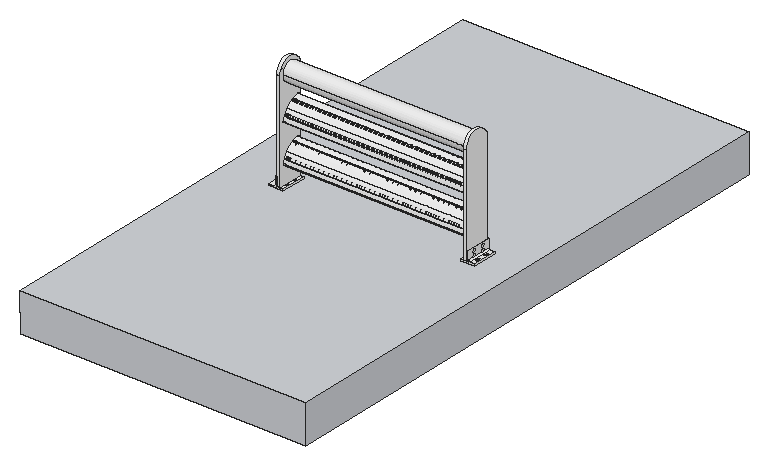
Revit family
Parameters (values of type "36" Projection")
  Warranty = "http://www.alllite-louvers.com/catalog/All-Lite-Warranty.pdf"
  URL = "http://www.alllite-louvers.com"
  Support Height = Projection - 5" + 1 1/32"  # 32 1/32"
  Strut/Shroud = Extruded Aluminum
  Strut = no
  Specifications = "http://www.alllite-louvers.com/catalog/ssa-845-csi-specification.doc"
  SmartBIM Object Version = 3  # constant formula
  SmartBIM Object Created By = "Reed Construction Data"  # constant formula
  Shroud = no
  Projection = 36"
  Product URL = "http://www.alllite-louvers.com/catalog.php?model=SSA-845"
  Outrigger Spacing = 60"
  Outrigger Height = Projection - 1/2"  # 35 1/2"
  Outrigger = "8\" high x  0.250\" thick plate with rounded front."
  Outrigger Material = Extruded Aluminum
  Mounting Bracket = "Exposed"  # constant formula
  Model Number = "SSA-845"  # constant formula
  Minimum Size = "12\""
  Maximum Size - Single Section = "96\""
  Maximum Size - Multiple Section = "Unlimited"  # constant formula
  Material = "Mill finish 6063-T5 extruded aluminum."  # constant formula
  Manufacturer = "All-Lite"  # constant formula
  Fascia Material = Extruded Aluminum
  Fascia = "4\" diameter x 0.081\" thick round tube."
  Exposed Mounting Bracket = yes
  Default Elevation = 48"
  Cut Sheet = "http://www.alllite-louvers.com/catalog/SSA845.pdf"
  Concealed Mounting Bracket = not(Exposed Mounting Bracket)  # no
  Blades = "45 Deg x 0.110\" thick thick airfoil style."
  Blade Material = Extruded Aluminum
  Assembly Code = "B2010400"
  A = 45.00°
  95 CSI = "10700"  # constant formula
  04 CSI = "10 71 13"  # constant formula
Types (4): name | Support Height | Projection | Outrigger Height
  36" Projection | 32 1/32" | 36" | 35 1/2"
  42" Projection | 38 1/32" | 42" | 41 1/2"
  48" Projection | 44 1/32" | 48" | 47 1/2"
  60" Projection | 56 1/32" | 60" | 59 1/2"
Reference planes (in)
  plane 1 "Center (Front/Back)": y = 0
  plane 2: z = 0
  plane 3 "Center (Left/Right)": x = 36
  plane 4: z = 36
  plane 5: x = 6
  plane 6: x = 66
  plane 7: x = 65.75
  plane 8: z = 31
  plane 9: y = 4
  plane 10: y = 8
  plane 11: z = 0.5
Forms (in)
  Extrusion 1, solid
    sketch origin (0, 0, 0) x (1, 0, 0) y (0, 1, 0)
      loop
        line (-11.05284, 94.58626) -> (-11.05284, -79.70833) -> (79.04536, -79.70833) -> (79.04536, 94.58626) -> (-11.05284, 94.58626)
    from 0 to -12
Dimensions and locks (in)
  equal spacing: plane 5, plane 3 "Center (Left/Right)", plane 6
  "Outrigger Spacing": plane 5 to plane 6
  "Projection": plane 4 to level
  locked: plane 6 to plane 7 at 0.25
  locked: plane 4 to plane 8 at 5
  nested 1 to nested 1 = 12"
  locked: plane 10 to plane 1 "Center (Front/Back)" at 8
  equal spacing: plane 10, plane 9, plane 1 "Center (Front/Back)"
  aligned and locked: Extrusion 1 to plane 2
  aligned and locked: level to Extrusion 1
  aligned and locked: plane 3 "Center (Left/Right)" to nested 1
  aligned and locked: nested 1 to plane 1 "Center (Front/Back)"
  aligned and locked: nested 4 to plane 5
  aligned and locked: nested 4 to level
  aligned and locked: level to nested 5
  aligned and locked: nested 2 to nested 7
  aligned and locked: nested 3 to nested 6
  aligned and locked: plane 9 to nested 6
  aligned and locked: plane 9 to nested 7
  aligned and locked: nested 6 to nested 4
  aligned and locked: nested 2 to nested 5
  aligned and locked: plane 11 to nested 1
  aligned and locked: nested 5 to plane 6
Automatic sketch dimensions
  Extrusion 1 sketch curve to Extrusion 1 sketch curve = 90.0982"
  Extrusion 1 sketch curve to Extrusion 1 sketch curve = 174.29459"
Nested families (in)
  nested 1: "Outrigger-With-Blades" at (36, 0, 0.5) x (0, 1, 0) z (0, 0, 1), type "Outrigger-With-Blades"
    with Projection 35 1/2", #Of Blades 2
  nested 2: "Strut Connection" at (66.69216, 7.5, 0), type "Strut Connection"
    with Strut no, Height 32 1/32"
  nested 3: "Strut Connection" at (5.12034, 7.5, 0) x (-1, 0, 0) z (0, 0, 1), type "Strut Connection"
    with Strut no, Height 32 1/32"
  nested 4: "Shroud Connection" at (6.56716, 0.5, 0), type "Shroud Connection"
    with Shroud no, Height 32 1/32"
  nested 5: "Shroud Connection" at (65.49534, 0.5, 0) x (-1, 0, 0) z (0, 0, 1), type "Shroud Connection"
    with Shroud no, Height 32 1/32"
  nested 6: "Bracket" at (5.8125, 4, 0), type "Bracket"
    with Concealed Mounting Bracket no
  nested 7: "Bracket" at (66.25, 4, 0), type "Bracket"
    with Concealed Mounting Bracket no
Definition of nested family "Outrigger-With-Blades"
  Parameters (values of type "Outrigger-With-Blades")
    Projection = 60"
    Outrigger Thickness = 1"
    Outrigger Spacing = 60"
    Outrigger Material = none
    Outrigger Hight = 8"
    Fascia = none
    Blade Material = none
    Assembly Code = ""
    #Of Blades = ((Projection - 12") / 12")  # 4
  Reference planes (in)
    plane 1 "Center (Front/Back)": y = 0
    plane 2: z = 0
    plane 3 "Center (Left/Right)": x = 0
    plane 4: z = 60
    plane 5: y = 30
    plane 6: y = -30
    plane 7: y = 29
    plane 8: y = -29
    plane 9: z = 54
    plane 10: x = 4
    plane 11: z = 6
    plane 12: z = 18
  Forms (in)
    Extrusion 1, solid, material <- "Outrigger Material"
      sketch origin (-26.08204, 30, 48) x (-1, 0, 0) y (0, 0, 1)
        loop
          arc (-26.08204, 8) -> (-30.08204, 12) -> (-34.08204, 8) r 4
          line (-34.08204, 8) -> (-34.08204, -48) -> (-26.08204, -48) -> (-26.08204, 8)
      from 0 to -1
    Extrusion 2, solid, material <- "Outrigger Material"
      sketch origin (-26.08204, -30, 48) x (-1, 0, 0) y (0, 0, -1)
        loop
          line (-26.08204, -8) -> (-26.08204, 48) -> (-34.08204, 48) -> (-34.08204, -8)
          arc (-34.08204, -8) -> (-30.08204, -12) -> (-26.08204, -8) r 4
      from 0 to -1
    Extrusion 3, solid, material <- "Fascia"
      sketch origin (0, 0, 0) x (1, 0, 0) y (0, 0, 1)
        loop
          circle (4, 56) r 3
      from -29 to 29
  Dimensions and locks (in)
    "Projection": plane 4 to level
    "Outrigger Hight": Extrusion 1 sketch curve to plane 3 "Center (Left/Right)"
    locked: plane 4 to Extrusion 1 sketch curve at 0
    equal spacing: plane 6, plane 1 "Center (Front/Back)", plane 5
    "Outrigger Spacing": plane 6 to plane 5
    "Outrigger Thickness": plane 5 to plane 7
    locked: plane 4 to Extrusion 2 sketch curve at 0
    "Outrigger Hight": Extrusion 2 sketch curve to plane 3 "Center (Left/Right)"
    "Outrigger Thickness": plane 6 to plane 8
    locked: plane 4 to plane 9 at 6
    locked: plane 11 to level at 6
    equal spacing: Extrusion 2, plane 10, plane 3 "Center (Left/Right)"
    locked: plane 12 to plane 11 at 12
    equal spacing: group 1, group 2, group 3, group 4  (x3)
    locked: plane 4 to Extrusion 3 sketch curve at 4
    aligned and locked: Extrusion 1 sketch curve to plane 3 "Center (Left/Right)"
    aligned and locked: Extrusion 1 to plane 7
    aligned and locked: Extrusion 2 sketch curve to level
    aligned and locked: plane 3 "Center (Left/Right)" to Extrusion 2 sketch curve
    aligned and locked: plane 7 to Extrusion 3
    aligned and locked: plane 6 to Extrusion 2
    aligned and locked: Extrusion 2 to plane 8
    aligned and locked: plane 8 to Extrusion 3
    aligned and locked: plane 11 to nested 1
    aligned and locked: plane 10 to nested 1
    aligned and locked: plane 1 "Center (Front/Back)" to nested 1
    aligned and locked: Extrusion 3 sketch curve to plane 10
  Automatic sketch dimensions
    Extrusion 1 sketch curve to level = 0"
    radius of Extrusion 3 sketch curve = 3"
  Nested families (in)
    nested 1: "Blade" at (1.14417, 0, 6), type "Blade"
      with Outrigger Spacing 60"
    nested 2: "Blade" at (1.14417, 0, 18), type "Blade"
      with Outrigger Spacing 60"
    nested 3: "Blade" at (1.14417, 0, 30), type "Blade"
      with Outrigger Spacing 60"
    nested 4: "Blade" at (1.14417, 0, 42), type "Blade"
      with Outrigger Spacing 60"
  Definition of nested family "Blade"
    Parameters (values of type "Blade")
      Outrigger Thickness = 1"
      Outrigger Spacing = 36"
      Blade Material = none
      Assembly Code = ""
    Reference planes (in)
      plane 1 "Center (Front/Back)": y = 0
      plane 2: z = 0
      plane 3 "Center (Left/Right)": x = 0
      plane 4: y = -18
      plane 5: y = 18
      plane 6: y = 17
      plane 7: y = -17
      plane 8: z = 2.8089
      plane 9: x = 2.85583
      plane 10: x = 5.71166
      plane 11: through (0.14319, -180, 0.14319) normal (-0.7071, 0, 0.7071)
    Forms (in)
      Extrusion 1, solid, material <- "Blade Material"
        sketch origin (0, 0, 0) x (0.707107, 0, -0.707107) y (0.707107, 0, 0.707107)
          loop
            arc (0.20875, 0.18246) -> (0.56894, 0.72104) -> (0.87399, 1.29267) r 6.53018
            arc (0.87399, 1.29267) -> (1.13516, 1.93231) -> (1.32729, 2.59596) r 6.53018
            arc (1.32729, 2.59596) -> (1.49012, 3.76566) -> (1.43962, 4.94555) r 6.53018
            arc (1.43962, 4.94555) -> (1.25401, 5.84431) -> (0.94425, 6.70818) r 6.53018
            arc (0.94425, 6.70818) -> (0.61201, 7.36103) -> (0.20875, 7.97256) r 6.53018
            arc (0.20875, 7.97256) -> (0, 8.07751) -> (-0.20875, 7.97256) r 0.26008
            arc (-0.20875, 7.97256) -> (-0.77805, 7.05736) -> (-1.18905, 6.06099) r 6.53018
            arc (-1.18905, 6.06099) -> (-1.46241, 4.7542) -> (-1.4643, 3.41913) r 6.53018
            arc (-1.4643, 3.41913) -> (-1.27547, 2.38891) -> (-0.92437, 1.40212) r 6.53018
            arc (-0.92437, 1.40212) -> (-0.59967, 0.77286) -> (-0.20875, 0.18246) r 6.53018
            arc (-0.20875, 0.18246) -> (0, 0.07751) -> (0.20875, 0.18246) r 0.26008
          loop
            arc (0, 0.33758) -> (0.44229, 1.02142) -> (0.79221, 1.75681) r 6.2701
            arc (0.79221, 1.75681) -> (0.42618, 1.56554) -> (0.08389, 1.79662) r 0.4032
            arc (0.08389, 1.79662) -> (0.13458, 1.93718) -> (0.27514, 1.88649) r 0.10566
            arc (0.27514, 1.88649) -> (0.43804, 1.77652) -> (0.61224, 1.86755) r 0.19188
            arc (0.61224, 1.86755) -> (0.58061, 2.10755) -> (0.33921, 2.1256) r 0.19188
            arc (0.33921, 2.1256) -> (0.23167, 2.17949) -> (0.21852, 2.29906) r 0.12582
            arc (0.21852, 2.29906) -> (0.66741, 2.30689) -> (0.84526, 1.89466) r 0.4032
            arc (0.84526, 1.89466) -> (1.23749, 4.07751) -> (0.84526, 6.26035) r 6.2701
            arc (0.84526, 6.26035) -> (0.66741, 5.84812) -> (0.21852, 5.85596) r 0.4032
            arc (0.21852, 5.85596) -> (0.23167, 5.97552) -> (0.33921, 6.02941) r 0.12582
            arc (0.33921, 6.02941) -> (0.58061, 6.04746) -> (0.61224, 6.28746) r 0.19188
            arc (0.61224, 6.28746) -> (0.43804, 6.37849) -> (0.27514, 6.26852) r 0.19188
            arc (0.27514, 6.26852) -> (0.13458, 6.21783) -> (0.08389, 6.35839) r 0.10566
            arc (0.08389, 6.35839) -> (0.42618, 6.58948) -> (0.79221, 6.3982) r 0.4032
            arc (0.79221, 6.3982) -> (0.44229, 7.13359) -> (0, 7.81743) r 6.2701
            arc (0, 7.81743) -> (-0.44229, 7.13359) -> (-0.79221, 6.3982) r 6.2701
            arc (-0.79221, 6.3982) -> (-0.42618, 6.58948) -> (-0.08389, 6.35839) r 0.4032
            arc (-0.08389, 6.35839) -> (-0.13458, 6.21783) -> (-0.27514, 6.26852) r 0.10566
            arc (-0.27514, 6.26852) -> (-0.43804, 6.37849) -> (-0.61224, 6.28746) r 0.19188
            arc (-0.61224, 6.28746) -> (-0.58061, 6.04746) -> (-0.33921, 6.02941) r 0.19188
            arc (-0.33921, 6.02941) -> (-0.23167, 5.97552) -> (-0.21852, 5.85596) r 0.12582
            arc (-0.21852, 5.85596) -> (-0.66741, 5.84812) -> (-0.84526, 6.26035) r 0.4032
            arc (-0.84526, 6.26035) -> (-1.23749, 4.07751) -> (-0.84526, 1.89466) r 6.2701
            arc (-0.84526, 1.89466) -> (-0.66741, 2.30689) -> (-0.21852, 2.29906) r 0.4032
            arc (-0.21852, 2.29906) -> (-0.23167, 2.17949) -> (-0.33921, 2.1256) r 0.12582
            arc (-0.33921, 2.1256) -> (-0.58061, 2.10755) -> (-0.61224, 1.86755) r 0.19188
            arc (-0.61224, 1.86755) -> (-0.43804, 1.77652) -> (-0.27514, 1.88649) r 0.19188
            arc (-0.27514, 1.88649) -> (-0.13458, 1.93718) -> (-0.08389, 1.79662) r 0.10566
            arc (-0.08389, 1.79662) -> (-0.42618, 1.56554) -> (-0.79221, 1.75681) r 0.4032
            arc (-0.79221, 1.75681) -> (-0.44229, 1.02142) -> (0, 0.33758) r 6.2701
        from -17 to 17
    Dimensions and locks (in)
      equal spacing: plane 4, plane 1 "Center (Front/Back)", plane 5
      "Outrigger Spacing": plane 5 to plane 4
      "Outrigger Thickness": plane 5 to plane 6
      "Outrigger Thickness": plane 4 to plane 7
      equal spacing: plane 10, plane 9, plane 3 "Center (Left/Right)"
      aligned and locked: plane 7 to Extrusion 1
      aligned and locked: plane 6 to Extrusion 1
    Automatic sketch dimensions
      Extrusion 1 sketch curve to Extrusion 1 sketch curve = 0"  (x160)
      Extrusion 1 sketch curve to plane 11 = 0"  (x4)
      plane 11 to Extrusion 1 sketch curve = 0.08389"  (x2)
      Extrusion 1 sketch curve to Extrusion 1 sketch curve = 0.09563"  (x4)
      plane 11 to Extrusion 1 sketch curve = 0.20875"  (x2)
      plane 11 to Extrusion 1 sketch curve = 0.21852"  (x2)
      Extrusion 1 sketch curve to Extrusion 1 sketch curve = 0.11643"  (x4)
      Extrusion 1 sketch curve to Extrusion 1 sketch curve = 0.00427"  (x4)
      Extrusion 1 sketch curve to Extrusion 1 sketch curve = 0.1096"  (x3)
      Extrusion 1 sketch curve to Extrusion 1 sketch curve = 0.16343"  (x4)
      Extrusion 1 sketch curve to Extrusion 1 sketch curve = 0.17998"  (x4)
      Extrusion 1 sketch curve to Extrusion 1 sketch curve = 0.05305"  (x4)
      Extrusion 1 sketch curve to Extrusion 1 sketch curve = 0.13215"
      Extrusion 1 sketch curve to Extrusion 1 sketch curve = 0.34379"
      plane 11 to Extrusion 1 sketch curve = 1.4643"
      Extrusion 1 sketch curve to Extrusion 1 sketch curve = 3.56832"
      Extrusion 1 sketch curve to plane 11 = 0.08389"  (x2)
      Extrusion 1 sketch curve to plane 11 = 0.20875"  (x2)
      Extrusion 1 sketch curve to plane 11 = 0.21852"  (x2)
      Extrusion 1 sketch curve to Extrusion 1 sketch curve = 0.17366"
      Extrusion 1 sketch curve to Extrusion 1 sketch curve = 0.08178"
      Extrusion 1 sketch curve to Extrusion 1 sketch curve = 0.15203"
      Extrusion 1 sketch curve to Extrusion 1 sketch curve = 0.48203"
      Extrusion 1 sketch curve to plane 11 = 1.43962"
      Extrusion 1 sketch curve to level = 0.01859"
      Extrusion 1 sketch curve to Extrusion 1 sketch curve = 0.15513"
      Extrusion 1 sketch curve to Extrusion 1 sketch curve = 0.03981"
      Extrusion 1 sketch curve to Extrusion 1 sketch curve = 0.13785"  (x2)
      Extrusion 1 sketch curve to Extrusion 1 sketch curve = 0.4044"
      Extrusion 1 sketch curve to Extrusion 1 sketch curve = 0.04771"
Definition of nested family "Bracket"
  Parameters
    Mounting Bracket = Extruded Aluminum
    Exposed Mounting Bracket = yes
    Concealed Mounting Bracket = yes
  Reference planes (in)
    plane 1 "Center (Front/Back)": y = 0
    plane 2: z = 0
    plane 3 "Center (Left/Right)": x = 0
    plane 4: x = 0.125
    plane 5: x = -0.125
  Forms (in)
    Extrusion 1, solid, material "Extruded Aluminum" <- "Mounting Bracket", visible <- "Exposed Mounting Bracket"
      sketch origin (0, -3, 0) x (1, 0, 0) y (0, 0, -1)
        loop
          line (0.125, -3.5) -> (0.125, -1)
          arc (0.125, -1) -> (0.27145, -0.64645) -> (0.625, -0.5) r 0.5
          line (0.625, -0.5) -> (2.25, -0.5) -> (2.25, 0) -> (-2.25, 0) -> (-2.25, -0.5) -> (-0.625, -0.5)
          arc (-0.625, -0.5) -> (-0.27145, -0.64645) -> (-0.125, -1) r 0.5
          line (-0.125, -1) -> (-0.125, -3.5) -> (0.125, -3.5)
      from -1 to 7
    Extrusion 2, solid, material "Extruded Aluminum" <- "Mounting Bracket", visible <- "Exposed Mounting Bracket"
      sketch origin (0, -3.34375, 0) x (0, 0, -1) y (0, 1, 0)
        loop
          line (-3.01381, 1.1732) -> (-2.54571, 1.1732) -> (-2.31166, 1.57859) -> (-2.54571, 1.98398) -> (-3.01381, 1.98398) -> (-3.24786, 1.57859) -> (-3.01381, 1.1732)
        loop
          line (-1.59929, 1.1732) -> (-1.13119, 1.1732) -> (-0.89714, 1.57859) -> (-1.13119, 1.98398) -> (-1.59929, 1.98398) -> (-1.83334, 1.57859) -> (-1.59929, 1.1732)
        loop
          line (-3.01381, 4.50546) -> (-2.54571, 4.50546) -> (-2.31166, 4.91085) -> (-2.54571, 5.31624) -> (-3.01381, 5.31624) -> (-3.24786, 4.91085) -> (-3.01381, 4.50546)
        loop
          line (-1.59929, 4.50546) -> (-1.13119, 4.50546) -> (-0.89714, 4.91085) -> (-1.13119, 5.31624) -> (-1.59929, 5.31624) -> (-1.83334, 4.91085) -> (-1.59929, 4.50546)
      from 0.125 to 0.25
    Extrusion 3, solid, material "Extruded Aluminum" <- "Mounting Bracket", visible <- "Exposed Mounting Bracket"
      sketch origin (0, -3.34375, 0) x (0, 0, -1) y (0, -1, 0)
        loop
          line (-3.01381, -1.1732) -> (-3.24786, -1.57859) -> (-3.01381, -1.98398) -> (-2.54571, -1.98398) -> (-2.31166, -1.57859) -> (-2.54571, -1.1732) -> (-3.01381, -1.1732)
        loop
          line (-1.59929, -1.1732) -> (-1.83334, -1.57859) -> (-1.59929, -1.98398) -> (-1.13119, -1.98398) -> (-0.89714, -1.57859) -> (-1.13119, -1.1732) -> (-1.59929, -1.1732)
        loop
          line (-3.01381, -4.50546) -> (-3.24786, -4.91085) -> (-3.01381, -5.31624) -> (-2.54571, -5.31624) -> (-2.31166, -4.91085) -> (-2.54571, -4.50546) -> (-3.01381, -4.50546)
        loop
          line (-1.59929, -4.50546) -> (-1.83334, -4.91085) -> (-1.59929, -5.31624) -> (-1.13119, -5.31624) -> (-0.89714, -4.91085) -> (-1.13119, -4.50546) -> (-1.59929, -4.50546)
      from 0.125 to 0.25
    Extrusion 4, solid, material "Extruded Aluminum" <- "Mounting Bracket", visible <- "Exposed Mounting Bracket"
      sketch origin (-4.22137, -3.34375, 0.875) x (-1, 0, 0) y (0, -1, 0)
        loop
          line (-3.20131, -1.2575) -> (-3.43536, -1.66289) -> (-3.20131, -2.06828) -> (-2.73321, -2.06828) -> (-2.49916, -1.66289) -> (-2.73321, -1.2575) -> (-3.20131, -1.2575)
        loop
          line (-3.20131, -4.56267) -> (-3.43536, -4.96806) -> (-3.20131, -5.37344) -> (-2.73321, -5.37344) -> (-2.49916, -4.96806) -> (-2.73321, -4.56267) -> (-3.20131, -4.56267)
      from -0.375 to -0.32394
    Extrusion 5, solid, material "Extruded Aluminum" <- "Mounting Bracket", visible <- "Exposed Mounting Bracket"
      sketch origin (4.22137, -3.34375, 0.875) x (1, 0, 0) y (0, 1, 0)
        loop
          line (-3.20131, 1.2575) -> (-2.73321, 1.2575) -> (-2.49916, 1.66289) -> (-2.73321, 2.06828) -> (-3.20131, 2.06828) -> (-3.43536, 1.66289) -> (-3.20131, 1.2575)
        loop
          line (-3.20131, 4.57817) -> (-2.73321, 4.57817) -> (-2.49916, 4.98355) -> (-2.73321, 5.38894) -> (-3.20131, 5.38894) -> (-3.43536, 4.98355) -> (-3.20131, 4.57817)
      from -0.375 to -0.32394
    Extrusion 6, solid, material "Extruded Aluminum" <- "Mounting Bracket", visible <- "Concealed Mounting Bracket"
      sketch origin (0, 0, 0) x (0, 1, 0) y (0, 0, 1)
        loop
          line (4, 3.5) -> (-4, 3.5) -> (-4, 0) -> (4, 0) -> (4, 3.5)
      from -0.125 to 0.125
    Extrusion 7, solid, material "Extruded Aluminum" <- "Mounting Bracket", visible <- "Concealed Mounting Bracket"
      sketch origin (-0.25, -3.34375, 0) x (0, 0, -1) y (0, -1, 0)
        loop
          line (-3.24786, -4.91085) -> (-3.01381, -5.31624) -> (-2.54571, -5.31624) -> (-2.31166, -4.91085) -> (-2.54571, -4.50546) -> (-3.01381, -4.50546) -> (-3.24786, -4.91085)
        loop
          line (-3.24786, -1.57859) -> (-3.01381, -1.98398) -> (-2.54571, -1.98398) -> (-2.31166, -1.57859) -> (-2.54571, -1.1732) -> (-3.01381, -1.1732) -> (-3.24786, -1.57859)
        loop
          line (-1.83334, -1.57859) -> (-1.59929, -1.98398) -> (-1.13119, -1.98398) -> (-0.89714, -1.57859) -> (-1.13119, -1.1732) -> (-1.59929, -1.1732) -> (-1.83334, -1.57859)
        loop
          line (-1.59929, -4.50546) -> (-1.83334, -4.91085) -> (-1.59929, -5.31624) -> (-1.13119, -5.31624) -> (-0.89714, -4.91085) -> (-1.13119, -4.50546) -> (-1.59929, -4.50546)
      from -0.375 to -0.5
    Extrusion 8, solid, material "Extruded Aluminum" <- "Mounting Bracket", visible <- "Concealed Mounting Bracket"
      sketch origin (0.25, -3.34375, 0) x (0, 0, -1) y (0, 1, 0)
        loop
          line (-3.24786, 4.91085) -> (-3.01381, 4.50546) -> (-2.54571, 4.50546) -> (-2.31166, 4.91085) -> (-2.54571, 5.31624) -> (-3.01381, 5.31624) -> (-3.24786, 4.91085)
        loop
          line (-3.24786, 1.57859) -> (-3.01381, 1.1732) -> (-2.54571, 1.1732) -> (-2.31166, 1.57859) -> (-2.54571, 1.98398) -> (-3.01381, 1.98398) -> (-3.24786, 1.57859)
        loop
          line (-1.83334, 1.57859) -> (-1.59929, 1.1732) -> (-1.13119, 1.1732) -> (-0.89714, 1.57859) -> (-1.13119, 1.98398) -> (-1.59929, 1.98398) -> (-1.83334, 1.57859)
        loop
          line (-1.59929, 4.50546) -> (-1.13119, 4.50546) -> (-0.89714, 4.91085) -> (-1.13119, 5.31624) -> (-1.59929, 5.31624) -> (-1.83334, 4.91085) -> (-1.59929, 4.50546)
      from -0.375 to -0.5
  Dimensions and locks (in)
    plane 3 "Center (Left/Right)" to plane 4 = 1/8"
    aligned and locked: Extrusion 2 to Extrusion 1
    aligned and locked: Extrusion 3 to Extrusion 1
    aligned and locked: Extrusion 4 to Extrusion 1
    aligned and locked: Extrusion 5 to Extrusion 1
    aligned and locked: Extrusion 1 to plane 5
    aligned and locked: Extrusion 1 to plane 4
    aligned and locked: Extrusion 6 to plane 5
    aligned and locked: Extrusion 6 to plane 4
    aligned and locked: Extrusion 1 to Extrusion 6  (x2)
    aligned and locked: Extrusion 1 to Extrusion 7
    aligned and locked: Extrusion 8 to Extrusion 1
    aligned and locked: level to Extrusion 6 sketch curve
Definition of nested family "Strut Connection"
  Parameters (values of type "Strut")
    Support = Extruded Aluminum
    Strut = yes
    Height = 33 15/16"
    Assembly Code = ""
    A = 45.00°
  Types (2): name | Height
    Strut | 33 15/16"
    Strut Connection | 56 1/32"
  Reference planes (in)
    plane 1 "Center (Front/Back)": y = 0
    plane 2: z = 0
    plane 3 "Center (Left/Right)": x = 0
    plane 4: z = 33.9375
    plane 5: x = -0.56716
  Forms (in)
    Extrusion 1, solid, material "Extruded Aluminum" <- "Support", visible <- "Strut"
      sketch origin (0, 0, 33.9375) x (0, -0.707107, -0.707107) y (0, 0.707107, -0.707107)
        loop
          line (46.4271, 1.39128) -> (47.88564, -0.06725) -> (48.02483, -0.02996) -> (46.51535, 1.47953) -> (46.4271, 1.39128)
      from -1.16425 to -0.50466
    Extrusion 2, solid, material "Extruded Aluminum" <- "Support", visible <- "Strut"
      sketch origin (0, -12.00474, 33.9375) x (0, -0.707107, -0.707107) y (0, 0.707107, -0.707107)
        loop
          line (37.94182, 9.87656) -> (37.02163, 8.95637) -> (37.02163, 8.08532) -> (37.46317, 7.71752) -> (39.39701, 8.42138) -> (37.94182, 9.87656)
      from -0.62966 to -0.50466
    Revolve 3, solid, material "Extruded Aluminum" <- "Support", visible <- "Strut"
      sketch origin (-0.57205, 0, 36) x (0, -0.707107, -0.707107) y (0, 0.707107, -0.707107)
        loop
          line (46.96866, 0.80509) -> (46.89518, 1.45841) -> (4.0019, 1.45841) -> (4.0019, 0.80509) -> (5.95653, 0.80509) -> (5.99594, 0.8445) -> (6.14977, 0.8445) -> (6.14977, 0.99833) -> (7.80337, 0.99833) -> (7.80337, 0.86544) -> (43.19558, 0.86544) -> (43.19558, 0.99833) -> (44.84918, 0.99833) -> (44.84918, 0.8445) -> (45.003, 0.8445) -> (45.04241, 0.80509) -> (46.96866, 0.80509)
        axis (4.0019, 1.45841) -> (46.96866, 1.45841)
      angle from 0 to 360
    Extrusion 4, solid, material "Extruded Aluminum" <- "Support", visible <- "Strut"
      sketch origin (0, 0, 33.9375) x (0, -0.707107, -0.707107) y (0, 0.707107, -0.707107)
        loop
          line (45.51026, 0.40331) -> (45.51026, -0.40331) -> (46.02817, -0.40331)
          arc (46.02817, -0.40331) -> (46.43148, 0) -> (46.02817, 0.40331) r 0.40331
          line (46.02817, 0.40331) -> (45.51026, 0.40331)
        loop
          circle (45.90888, 0) r 0.25
      from -0.50466 to -0.39838
    Extrusion 5, solid, material "Extruded Aluminum" <- "Support", visible <- "Strut"
      sketch origin (0, 0, 33.9375) x (0, -0.707107, -0.707107) y (0, 0.707107, -0.707107)
        loop
          line (45.51026, 0.40331) -> (45.51026, -0.40331) -> (46.02817, -0.40331)
          arc (46.02817, -0.40331) -> (46.43148, 0) -> (46.02817, 0.40331) r 0.40331
          line (46.02817, 0.40331) -> (45.51026, 0.40331)
        loop
          circle (45.90888, 0) r 0.25
      from -0.72204 to -0.62966
    Extrusion 6, solid, material "Extruded Aluminum" <- "Support", visible <- "Strut"
      sketch origin (0, 0, 33.9375) x (0, -0.707107, -0.707107) y (0, 0.707107, -0.707107)
        loop
          line (2.54349, 0.40331) -> (2.02558, 0.40331)
          arc (2.02558, 0.40331) -> (1.62227, 0) -> (2.02558, -0.40331) r 0.40331
          line (2.02558, -0.40331) -> (2.54349, -0.40331) -> (2.54349, 0.40331)
        loop
          circle (2.18595, 0) r 0.24295
      from -0.50466 to -0.39838
    Extrusion 7, solid, material "Extruded Aluminum" <- "Support", visible <- "Strut"
      sketch origin (0, 0, 33.9375) x (0, -0.707107, -0.707107) y (0, 0.707107, -0.707107)
        loop
          line (2.54349, 0.65331) -> (2.04349, 0.65331)
          arc (2.04349, 0.65331) -> (2.01476, 0.65166) -> (1.98642, 0.64671) r 0.25
          arc (1.98642, 0.64671) -> (1.84757, 0.55861) -> (1.79349, 0.40331) r 0.25
          line (1.79349, 0.40331) -> (1.79349, -0.40331)
          arc (1.79349, -0.40331) -> (1.86671, -0.58009) -> (2.04349, -0.65331) r 0.25
          line (2.04349, -0.65331) -> (2.54349, -0.65331) -> (2.54349, 0.65331)
        loop
          circle (2.18595, 0) r 0.24295
      from -0.72204 to -0.62966
    Extrusion 8, solid, material "Extruded Aluminum" <- "Support", visible <- "Strut"
      sketch origin (0, 0, 33.9375) x (0, -0.707107, -0.707107) y (0, 0.707107, -0.707107)
        loop
          line (2.71645, 0.23035) -> (-3.83054, 6.77735) -> (-4.66877, 5.93913) -> (1.87823, -0.60787)
          arc (1.87823, -0.60787) -> (2.71645, -0.60787) -> (2.71645, 0.23035) r 0.59271
        loop
          circle (2.18595, 0) r 0.24295
        loop
          circle (0.86828, 1.26818) r 0.31811
        loop
          circle (-3.86181, 5.99827) r 0.31811
      from -0.62966 to -0.50466
  Cuts and joins
    joined: Extrusion 1, Extrusion 2
    joined: Extrusion 6, Extrusion 8
  Lines and regions (in)
    reference lines
      curve 1: line (0, 0, 33.9375) -> (0, -33.9375, 0)
  Dimensions and locks (in)
    "Height": level to plane 4
    "A": angle plane 1 "Center (Front/Back)" to curve 1
    aligned and locked: plane 4 to curve 1
    aligned and locked: plane 1 "Center (Front/Back)" to curve 1
    aligned and locked: level to curve 1
  Automatic sketch dimensions
    Extrusion 1 sketch curve to curve 1 = 1.56777"
    Extrusion 1 sketch curve to Extrusion 1 sketch curve = 0.08824"
    Extrusion 1 sketch curve to curve 1 = 0.10923"
    curve 1 to Extrusion 1 sketch curve = 0.02996"  (x2)
    curve 1 to Extrusion 1 sketch curve = 0.06725"
    Extrusion 2 sketch curve to curve 1 = 0.46774"
    Extrusion 2 sketch curve to curve 1 = 2.48462"
    curve 1 to Extrusion 2 sketch curve = 0.77111"
    Extrusion 2 sketch curve to Extrusion 2 sketch curve = 0.44155"
    Extrusion 2 sketch curve to Extrusion 2 sketch curve = 0.9202"
    Extrusion 2 sketch curve to curve 1 = 0.10923"
    curve 1 to Extrusion 2 sketch curve = 0.40331"
    curve 1 to Extrusion 2 sketch curve = 0.06725"
    Extrusion 4 sketch curve to curve 1 = 0"  (x2)
    Extrusion 4 sketch curve to curve 1 = 0.40331"
    Extrusion 4 sketch curve to curve 1 = 2.48462"
    Extrusion 4 sketch curve to Extrusion 4 sketch curve = 0.51791"
    Extrusion 6 sketch curve to curve 1 = 0"  (x2)
    Extrusion 6 sketch curve to curve 1 = 0.40331"
    curve 1 to Extrusion 6 sketch curve = 2.02558"
    Extrusion 6 sketch curve to Extrusion 6 sketch curve = 0.51791"
    Revolve 3 sketch curve to plane 1 "Center (Front/Back)" = 0"
    Revolve 3 sketch curve to plane 4 = 0"
    Revolve 3 sketch curve to level = 0"
    Revolve 3 sketch curve to Revolve 3 sketch curve = 2.54349"
    Revolve 3 sketch curve to Revolve 3 sketch curve = 1.95464"
    Revolve 3 sketch curve to Revolve 3 sketch curve = 0.03941"  (x2)
    Revolve 3 sketch curve to Revolve 3 sketch curve = 0.15382"  (x4)
    Revolve 3 sketch curve to Revolve 3 sketch curve = 1.6536"  (x2)
    Revolve 3 sketch curve to Revolve 3 sketch curve = 6.2577"
    Revolve 3 sketch curve to Revolve 3 sketch curve = 1.85277"
    Revolve 3 sketch curve to Revolve 3 sketch curve = 0.07348"
    Revolve 3 sketch curve to Revolve 3 sketch curve = 0"
    Revolve 3 sketch curve to Revolve 3 sketch curve = 0.46008"  (x2)
    Revolve 3 sketch curve to Revolve 3 sketch curve = 0.13289"
    Revolve 3 sketch curve to Revolve 3 sketch curve = 0.65331"  (x2)
    Extrusion 5 sketch curve to curve 1 = 0"  (x2)
    curve 1 to Extrusion 5 sketch curve = 0.40331"
    Extrusion 5 sketch curve to curve 1 = 2.48462"
    Extrusion 5 sketch curve to Extrusion 5 sketch curve = 0.39862"
    Extrusion 5 sketch curve to Extrusion 5 sketch curve = 0.11929"
    Extrusion 4 sketch curve to Extrusion 4 sketch curve = 0.36929"
    Extrusion 4 sketch curve to Extrusion 4 sketch curve = 0.11929"
    Extrusion 6 sketch curve to Extrusion 6 sketch curve = 0.08259"
    Extrusion 6 sketch curve to Extrusion 6 sketch curve = 0.16036"
    Extrusion 8 sketch curve to Extrusion 8 sketch curve = 0"  (x2)
    Extrusion 8 sketch curve to curve 1 = 0"
    Extrusion 8 sketch curve to curve 1 = 4.66877"
    Extrusion 8 sketch curve to Extrusion 8 sketch curve = 0.80696"
    Extrusion 8 sketch curve to Extrusion 8 sketch curve = 1/32"
    curve 1 to Extrusion 8 sketch curve = 0.86828"
    curve 1 to Extrusion 8 sketch curve = 0.60787"
    curve 1 to Extrusion 8 sketch curve = 1.87823"
    Extrusion 8 sketch curve to Extrusion 8 sketch curve = 0.06477"
    Extrusion 8 sketch curve to Extrusion 8 sketch curve = 0.24295"
    curve 1 to Extrusion 8 sketch curve = 0.18876"
    Extrusion 8 sketch curve to Extrusion 8 sketch curve = 0.11139"
    Extrusion 8 sketch curve to curve 1 = 0.23035"
    curve 1 to Extrusion 8 sketch curve = 1.26818"
    Extrusion 8 sketch curve to Extrusion 8 sketch curve = 0.77908"
    Extrusion 7 sketch curve to Extrusion 7 sketch curve = 0"  (x2)
    Extrusion 7 sketch curve to curve 1 = 0"
    Extrusion 7 sketch curve to curve 1 = 0.40331"
    curve 1 to Extrusion 7 sketch curve = 1.79349"
    Extrusion 7 sketch curve to Extrusion 7 sketch curve = 0.19293"
    Extrusion 7 sketch curve to Extrusion 7 sketch curve = 1/4"
    Extrusion 7 sketch curve to Extrusion 7 sketch curve = 0.05707"
    Extrusion 7 sketch curve to Extrusion 7 sketch curve = 0.14246"
    Extrusion 7 sketch curve to Extrusion 7 sketch curve = 1/2"
    curve 1 to Extrusion 7 sketch curve = 0.40331"
    radius of Extrusion 5 sketch curve = 1/4"
    radius of Extrusion 8 sketch curve = 0.31811"  (x2)
    radius of Extrusion 7 sketch curve = 0.24295"
Definition of nested family "Shroud Connection"
  Parameters (values of type "Shroud Connection")
    Support = Extruded Aluminum
    Shroud = yes
    Height = 56 1/32"
    Assembly Code = ""
    A = 45.00°
  Reference planes (in)
    plane 1 "Center (Front/Back)": y = 0
    plane 2: z = 0
    plane 3 "Center (Left/Right)": x = 0
    plane 4: z = 56.03125
    plane 5: x = -0.56716
  Forms (in)
    Extrusion 1, solid, material "Extruded Aluminum" <- "Support", visible <- "Shroud"
      sketch origin (0, 0, 56.03125) x (0, -0.707107, -0.707107) y (0, 0.707107, -0.707107)
        loop
          line (77.67238, 1.39128) -> (79.13092, -0.06725) -> (79.27011, -0.02996) -> (77.76063, 1.47953) -> (77.67238, 1.39128)
      from -1.16425 to -0.50466
    Extrusion 2, solid, material "Extruded Aluminum" <- "Support", visible <- "Shroud"
      sketch origin (0, -12.00474, 56.03125) x (0, -0.707107, -0.707107) y (0, 0.707107, -0.707107)
        loop
          line (69.1871, 9.87656) -> (68.26691, 8.95637) -> (68.26691, 8.08532) -> (68.70845, 7.71752) -> (70.64229, 8.42138) -> (69.1871, 9.87656)
      from -0.62966 to -0.50466
    Revolve 3, solid, material "Extruded Aluminum" <- "Support", visible <- "Shroud"
      sketch origin (-0.57205, 0, 36) x (0, -0.707107, -0.707107) y (0, 0.707107, -0.707107)
        loop
          line (62.59131, -14.81755) -> (62.51782, -14.16423) -> (-11.62074, -14.16423) -> (-11.62074, -14.81755) -> (-9.66611, -14.81755) -> (-9.6267, -14.77814) -> (-9.47287, -14.77814) -> (-9.47287, -14.62431) -> (-7.81927, -14.62431) -> (-7.81927, -14.7572) -> (58.81822, -14.7572) -> (58.81822, -14.62431) -> (60.47182, -14.62431) -> (60.47182, -14.77814) -> (60.62564, -14.77814) -> (60.66505, -14.81755) -> (62.59131, -14.81755)
        axis (-11.62074, -14.16423) -> (62.59131, -14.16423)
      angle from 0 to 360
    Extrusion 4, solid, material "Extruded Aluminum" <- "Support", visible <- "Shroud"
      sketch origin (0, 0, 56.03125) x (0, -0.707107, -0.707107) y (0, 0.707107, -0.707107)
        loop
          line (76.75554, 0.40331) -> (76.75554, -0.40331) -> (77.27345, -0.40331)
          arc (77.27345, -0.40331) -> (77.67676, 0) -> (77.27345, 0.40331) r 0.40331
          line (77.27345, 0.40331) -> (76.75554, 0.40331)
        loop
          circle (77.15416, 0) r 0.25
      from -0.50466 to -0.39838
    Extrusion 5, solid, material "Extruded Aluminum" <- "Support", visible <- "Shroud"
      sketch origin (0, 0, 56.03125) x (0, -0.707107, -0.707107) y (0, 0.707107, -0.707107)
        loop
          line (76.75554, 0.40331) -> (76.75554, -0.40331) -> (77.27345, -0.40331)
          arc (77.27345, -0.40331) -> (77.67676, 0) -> (77.27345, 0.40331) r 0.40331
          line (77.27345, 0.40331) -> (76.75554, 0.40331)
        loop
          circle (77.15416, 0) r 0.25
      from -0.72204 to -0.62966
    Extrusion 6, solid, material "Extruded Aluminum" <- "Support", visible <- "Shroud"
      sketch origin (0, 0, 56.03125) x (0, -0.707107, -0.707107) y (0, 0.707107, -0.707107)
        loop
          line (2.54349, 0.40331) -> (2.02558, 0.40331)
          arc (2.02558, 0.40331) -> (1.62227, 0) -> (2.02558, -0.40331) r 0.40331
          line (2.02558, -0.40331) -> (2.54349, -0.40331) -> (2.54349, 0.40331)
        loop
          circle (2.18595, 0) r 0.24295
      from -0.50466 to -0.39838
    Extrusion 7, solid, material "Extruded Aluminum" <- "Support", visible <- "Shroud"
      sketch origin (0, 0, 56.03125) x (0, -0.707107, -0.707107) y (0, 0.707107, -0.707107)
        loop
          line (2.54349, 0.65331) -> (2.04349, 0.65331)
          arc (2.04349, 0.65331) -> (2.01476, 0.65166) -> (1.98642, 0.64671) r 0.25
          arc (1.98642, 0.64671) -> (1.84757, 0.55861) -> (1.79349, 0.40331) r 0.25
          line (1.79349, 0.40331) -> (1.79349, -0.40331)
          arc (1.79349, -0.40331) -> (1.86671, -0.58009) -> (2.04349, -0.65331) r 0.25
          line (2.04349, -0.65331) -> (2.54349, -0.65331) -> (2.54349, 0.65331)
        loop
          circle (2.18595, 0) r 0.24295
      from -0.72204 to -0.62966
    Extrusion 8, solid, material "Extruded Aluminum" <- "Support", visible <- "Shroud"
      sketch origin (0, 0, 56.03125) x (0, -0.707107, -0.707107) y (0, 0.707107, -0.707107)
        loop
          line (2.71645, 0.23035) -> (-3.83054, 6.77735) -> (-4.66877, 5.93913) -> (1.87823, -0.60787)
          arc (1.87823, -0.60787) -> (2.71645, -0.60787) -> (2.71645, 0.23035) r 0.59271
        loop
          circle (2.18595, 0) r 0.24295
        loop
          circle (0.86828, 1.26818) r 0.31811
        loop
          circle (-3.86181, 5.99827) r 0.31811
      from -0.62966 to -0.50466
  Cuts and joins
    joined: Extrusion 1, Extrusion 2
    joined: Extrusion 6, Extrusion 8
  Lines and regions (in)
    reference lines
      curve 1: line (0, 0, 56.03125) -> (0, -56.03125, 0)
  Dimensions and locks (in)
    "Height": level to plane 4
    "A": angle plane 1 "Center (Front/Back)" to curve 1
    aligned and locked: plane 4 to curve 1
    aligned and locked: plane 1 "Center (Front/Back)" to curve 1
    aligned and locked: level to curve 1
  Automatic sketch dimensions
    Extrusion 1 sketch curve to curve 1 = 1.56777"
    Extrusion 1 sketch curve to Extrusion 1 sketch curve = 0.08824"
    Extrusion 1 sketch curve to curve 1 = 0.10923"
    curve 1 to Extrusion 1 sketch curve = 0.02996"  (x2)
    curve 1 to Extrusion 1 sketch curve = 0.06725"
    Extrusion 2 sketch curve to curve 1 = 0.46774"
    Extrusion 2 sketch curve to curve 1 = 2.48462"
    curve 1 to Extrusion 2 sketch curve = 0.77111"
    Extrusion 2 sketch curve to Extrusion 2 sketch curve = 0.44155"
    Extrusion 2 sketch curve to Extrusion 2 sketch curve = 0.9202"
    Extrusion 2 sketch curve to curve 1 = 0.10923"
    curve 1 to Extrusion 2 sketch curve = 0.40331"
    curve 1 to Extrusion 2 sketch curve = 0.06725"
    Extrusion 4 sketch curve to curve 1 = 0"  (x2)
    Extrusion 4 sketch curve to curve 1 = 0.40331"
    Extrusion 4 sketch curve to curve 1 = 2.48462"
    Extrusion 4 sketch curve to Extrusion 4 sketch curve = 0.51791"
    Extrusion 6 sketch curve to curve 1 = 0"  (x2)
    Extrusion 6 sketch curve to curve 1 = 0.40331"
    curve 1 to Extrusion 6 sketch curve = 2.02558"
    Extrusion 6 sketch curve to Extrusion 6 sketch curve = 0.51791"
    Revolve 3 sketch curve to plane 1 "Center (Front/Back)" = 0"
    Revolve 3 sketch curve to plane 4 = 0"
    Revolve 3 sketch curve to level = 0"
    Revolve 3 sketch curve to Revolve 3 sketch curve = 2.54349"
    Revolve 3 sketch curve to Revolve 3 sketch curve = 1.95464"
    Revolve 3 sketch curve to Revolve 3 sketch curve = 0.03941"  (x2)
    Revolve 3 sketch curve to Revolve 3 sketch curve = 0.15382"  (x4)
    Revolve 3 sketch curve to Revolve 3 sketch curve = 1.6536"  (x2)
    Revolve 3 sketch curve to Revolve 3 sketch curve = 6.2577"
    Revolve 3 sketch curve to Revolve 3 sketch curve = 1.85277"
    Revolve 3 sketch curve to Revolve 3 sketch curve = 0.07348"
    Revolve 3 sketch curve to Revolve 3 sketch curve = 0"
    Revolve 3 sketch curve to Revolve 3 sketch curve = 0.46008"  (x2)
    Revolve 3 sketch curve to Revolve 3 sketch curve = 0.13289"
    Revolve 3 sketch curve to Revolve 3 sketch curve = 0.65331"  (x2)
    Extrusion 5 sketch curve to curve 1 = 0"  (x2)
    curve 1 to Extrusion 5 sketch curve = 0.40331"
    Extrusion 5 sketch curve to curve 1 = 2.48462"
    Extrusion 5 sketch curve to Extrusion 5 sketch curve = 0.39862"
    Extrusion 5 sketch curve to Extrusion 5 sketch curve = 0.11929"
    Extrusion 4 sketch curve to Extrusion 4 sketch curve = 0.36929"
    Extrusion 4 sketch curve to Extrusion 4 sketch curve = 0.11929"
    Extrusion 6 sketch curve to Extrusion 6 sketch curve = 0.08259"
    Extrusion 6 sketch curve to Extrusion 6 sketch curve = 0.16036"
    Extrusion 8 sketch curve to Extrusion 8 sketch curve = 0"  (x2)
    Extrusion 8 sketch curve to curve 1 = 0"
    Extrusion 8 sketch curve to curve 1 = 4.66877"
    Extrusion 8 sketch curve to Extrusion 8 sketch curve = 0.80696"
    Extrusion 8 sketch curve to Extrusion 8 sketch curve = 1/32"
    curve 1 to Extrusion 8 sketch curve = 0.86828"
    curve 1 to Extrusion 8 sketch curve = 0.60787"
    curve 1 to Extrusion 8 sketch curve = 1.87823"
    Extrusion 8 sketch curve to Extrusion 8 sketch curve = 0.06477"
    Extrusion 8 sketch curve to Extrusion 8 sketch curve = 0.24295"
    curve 1 to Extrusion 8 sketch curve = 0.18876"
    Extrusion 8 sketch curve to Extrusion 8 sketch curve = 0.11139"
    Extrusion 8 sketch curve to curve 1 = 0.23035"
    curve 1 to Extrusion 8 sketch curve = 1.26818"
    Extrusion 8 sketch curve to Extrusion 8 sketch curve = 0.77908"
    Extrusion 7 sketch curve to Extrusion 7 sketch curve = 0"  (x2)
    Extrusion 7 sketch curve to curve 1 = 0"
    Extrusion 7 sketch curve to curve 1 = 0.40331"
    curve 1 to Extrusion 7 sketch curve = 1.79349"
    Extrusion 7 sketch curve to Extrusion 7 sketch curve = 0.19293"
    Extrusion 7 sketch curve to Extrusion 7 sketch curve = 1/4"
    Extrusion 7 sketch curve to Extrusion 7 sketch curve = 0.05707"
    Extrusion 7 sketch curve to Extrusion 7 sketch curve = 0.14246"
    Extrusion 7 sketch curve to Extrusion 7 sketch curve = 1/2"
    curve 1 to Extrusion 7 sketch curve = 0.40331"
    radius of Extrusion 5 sketch curve = 1/4"
    radius of Extrusion 8 sketch curve = 0.31811"  (x2)
    radius of Extrusion 7 sketch curve = 0.24295"
